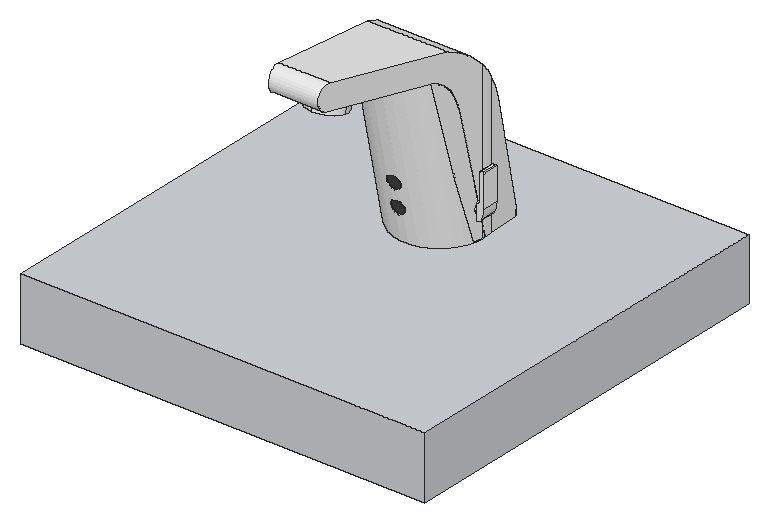
Revit family
Parameters (values of type "Chrome-Polished_Chrome-CP")
  Width = 0' - 2 15/16"
  WFU = 0
  URL = "http://www.us.kohler.com"
  Sensor = Black Sensors
  Product Page URL = "http://www.us.kohler.com/onlinecatalog/detail.jsp?prod_num=7515"
  Product Documentation Link = "http://www.us.kohler.com/onlinecatalog/pdf/1124217_4.pdf"
  Model = "K-7515"  # constant formula
  Manufacturer = "Kohler"  # constant formula
  Length = 0' - 6 3/4"
  Installation = "Single-hole"  # constant formula
  Hot Water Radius = 3/16"
  Hot Water Diameter = Hot Water Radius * 2  # 3/8"
  Hot Water Connector = "Hot Water Connection"  # constant formula
  Height = 0' - 6 1/8"
  HWFU = 0
  HW Connection = yes
  Finish = Chromel-Kohler-CP-Polished Chrome
  Description = "Sculpted Touchless™ DM Faucet W/Mixer"  # constant formula
  Default Elevation = 0' - 0"
  Created By = "http://medialab3dstudio.com"
  Cold Water Radius = 3/16"
  Cold Water Diameter = Cold Water Radius * 2  # 3/8"
  Cold Water Connector = "Cold Water Connection"  # constant formula
  CWFU = 0
  CW Connection = yes
  Assembly Code = "D2010"
  Actual Valve Water Flow = 0.5 GPM
Types (3): name | Finish
  (no name) | Chromel-Kohler-CP-Polished Chrome
  Chrome-Polished_Chrome-CP | Chromel-Kohler-CP-Polished Chrome
  Steel-Vibrant_Stainless-VS | Steel-Kohler-VS-Vibrant Stainless
Reference planes (in)
  plane 1 "Center (Front/Back)": y = 0
  plane 2: z = 0
  plane 3 "Center (Left/Right)": x = 0
  plane 4 "Back": y = 3.375
  plane 5 "Front": y = -3.375
  plane 6 "Left": x = -1.3125
  plane 7 "Faucet Right": x = 1.3125
  plane 8 "Top": z = 6.125
  plane 9: through (0, -2.94342, 6.1184) normal (0, -0.1812, -0.9835)
  plane 10: through (0, -3.07581, 5.39972) normal (0, -0.1812, -0.9835)
  plane 11: through (0, 2.07873, 0) normal (0, 0.9761, 0.2174)
  plane 12: through (0, 3.375, 0) normal (0, 0.9761, 0.2174)
  plane 13: z = 4.18675
  plane 14: z = 4.74242
  plane 15: x = -1.34375
  plane 16: x = 1.34375
  plane 17: y = -3.67127
  plane 18: y = 2.13994
  plane 19: through (0.73514, -3.32204, 48) normal (-0.9945, 0.1051, 0)
  plane 20: through (-0.73514, -3.32204, 48) normal (-0.9945, -0.1051, 0)
  plane 21: y = -3.32204
  plane 22: through (0, 2.07873, 0) normal (0, 0.9761, 0.2175)
  plane 23: z = 3.48198
  plane 24: y = -0.43019
  plane 25: z = 1.73559
  plane 26: z = 1.03176
  plane 27: through (0, 0.93975, 0) normal (0, 0.9761, 0.2175)
  plane 28: through (0, 0.68975, 0) normal (0, 0.9761, 0.2175)
  plane 29: through (0.38777, 5.82045, 47.78551) normal (0, -0.9833, 0.1822)
  plane 30 "Aeroator bottom": through (0, -2.69056, 4.97232) normal (0, -0.1822, -0.9833)
  plane 31: y = 2.07873
  plane 32: x = -0.3125
  plane 33: x = 0.3125
  plane 34: z = 0.27178
  plane 35: z = 5.39978
  plane 36: z = 5.2782
  plane 37: z = 4.97232
  plane 38: z = 5.17498
  plane 39: z = 4.86911
  plane 40: z = 4.76589
  plane 41: x = -0.56641
  plane 42: x = -0.38777
  plane 43: x = 0.38777
  plane 44: x = 0.56641
  plane 45: z = 4.80313
  plane 46: through (-1.11944, -180, 4.76589) normal (-0.9195, 0, 0.3931)
  plane 47: through (1.11944, -180, 4.76589) normal (-0.9195, 0, -0.3931)
  plane 48: z = 3.69251
  plane 49 "Mixer Right": x = 1.625
  plane 50: through (0, -2.69056, 5.32938) normal (0, -0.1822, -0.9833)
  plane 51: y = 5.125
Forms (in)
  Extrusion 1, solid
    sketch origin (0, 0, 0) x (1, 0, 0) y (0, 1, 0)
      loop
        line (-6, 6) -> (-6, -6) -> (6, -6) -> (6, 6) -> (-6, 6)
    from 0 to -1.85692
  Extrusion 2, solid, material "Chromel-Kohler-CP-Polished Chrome" <- "Finish", detail levels fine
    sketch origin (0, 0, 0) x (0, 1, 0) y (0, 0, 1)
      loop
        arc (-2.94342, 6.1184) -> (-3.36895, 5.82525) -> (-3.07581, 5.39972) r 0.36539
        line (-3.07581, 5.39972) -> (0.22378, 4.79191)
        arc (0.22378, 4.79191) -> (0.70476, 4.58392) -> (1.0466, 4.18675) r 1.16933
        arc (1.0466, 4.18675) -> (1.19778, 3.8427) -> (1.30312, 3.48198) r 2.89513
        line (1.30312, 3.48198) -> (2.07873, 0) -> (3.375, 0) -> (2.59939, 3.48198)
        arc (2.59939, 3.48198) -> (2.33458, 4.15905) -> (1.90071, 4.74242) r 2.73449
        arc (1.90071, 4.74242) -> (1.42347, 5.13533) -> (0.87242, 5.41549) r 2.83585
        line (0.87242, 5.41549) -> (-2.94342, 6.1184)
    from -1.3125 to 1.3125
  Extrusion 3, void
    sketch origin (0, 0, 0) x (1, 0, 0) y (0, 1, 0)
      loop
        line (-1.34375, 3.375) -> (-1.34375, -3.67127) -> (1.34375, -3.67127) -> (1.34375, 3.375) -> (1.18768, 3.375)
        arc (1.18768, 3.375) -> (1.22213, 3.36072) -> (1.23783, 3.32689) r 0.05135
        line (1.23783, 3.32689) -> (1.29986, 2.34092)
        arc (1.29986, 2.34092) -> (1.3083, 2.18062) -> (1.29986, 2.02033) r 1.52489
        line (1.29986, 2.02033) -> (0.72955, -3.375) -> (-0.72955, -3.375) -> (-1.29986, 2.02033)
        arc (-1.29986, 2.02033) -> (-1.3083, 2.18062) -> (-1.29986, 2.34092) r 1.52489
        line (-1.29986, 2.34092) -> (-1.23783, 3.32689)
        arc (-1.23783, 3.32689) -> (-1.22213, 3.36072) -> (-1.18768, 3.375) r 0.05135
        line (-1.18768, 3.375) -> (-1.34375, 3.375)
    from 0 to 6.125
  Sweep 4, solid, material "Chromel-Kohler-CP-Polished Chrome" <- "Finish", detail levels fine
    path origin (0, 0, 0) x (0, 1, 0) y (0, 0, 1)
      loop
        line (2.07873, 0) -> (0.89136, 5.32907)
    profile origin (0, 1.48505, 2.66453) x (0, -0.976066, -0.217477) y (1, 0, 0)
      loop
        line (0, 1.3125) -> (0, -1.3125)
        arc (0, -1.3125) -> (1.3125, 0) -> (0, 1.3125) r 1.3125
  Extrusion 5, void
    sketch origin (0, 0, 0) x (0, 1, 0) y (0, 0, 1)
      loop
        arc (0.22378, 4.79191) -> (0.70476, 4.58392) -> (1.0466, 4.18675) r 1.16933
        arc (1.0466, 4.18675) -> (1.20271, 3.84236) -> (1.31714, 3.48198) r 3.20179
        line (1.31714, 3.48198) -> (2.59939, 3.48198)
        arc (2.59939, 3.48198) -> (2.33458, 4.15905) -> (1.90071, 4.74242) r 2.73449
        arc (1.90071, 4.74242) -> (1.42347, 5.13533) -> (0.87242, 5.41549) r 2.83585
        line (0.87242, 5.41549) -> (-0.43019, 5.65544) -> (-0.43019, 4.91237) -> (0.22378, 4.79191)
    from -1.3125 to 1.3125
  Extrusion 6, void
    sketch origin (0, 0.28242, -0.02891) x (1, 0, 0) y (0, -0.217488, 0.976063)
      loop
        circle (0, 1.73559) r 0.21875
    from -0.64788 to -0.40387
  Extrusion 7, void
    sketch origin (0, 0.28242, -0.8032) x (1, 0, 0) y (0, -0.217488, 0.976063)
      loop
        circle (0, 1.73559) r 0.21875
    from -0.81628 to -0.57227
  Extrusion 8, solid, material "Chromel-Kohler-CP-Polished Chrome" <- "Finish", detail levels fine
    sketch origin (-10.0876, 1.76777, -0.28082) x (1, 0, 0) y (0, 0.983255, -0.182236)
      loop
        arc (9.5212, -4.77457) -> (9.68709, -5.17508) -> (10.0876, -5.34098) r 0.56641
        arc (10.0876, -5.34098) -> (10.48811, -5.17508) -> (10.65401, -4.77457) r 0.56641
        arc (10.65401, -4.77457) -> (10.48811, -4.37406) -> (10.0876, -4.20817) r 0.56641
        arc (10.0876, -4.20817) -> (9.68709, -4.37406) -> (9.5212, -4.77457) r 0.56641
      loop
        arc (9.69983, -4.77457) -> (9.81341, -5.04877) -> (10.0876, -5.16234) r 0.38777
        arc (10.0876, -5.16234) -> (10.36179, -5.04877) -> (10.47537, -4.77457) r 0.38777
        arc (10.47537, -4.77457) -> (10.36179, -4.50038) -> (10.0876, -4.38681) r 0.38777
        arc (10.0876, -4.38681) -> (9.81341, -4.50038) -> (9.69983, -4.77457) r 0.38777
    from 4.35272 to 4.70325
  Extrusion 9, solid, not visible, detail levels fine
    sketch origin (0, 0, 0) x (1, 0, 0) y (0, 1, 0)
      loop
        arc (-0.5, 2.07873) -> (-0.44508, 1.94615) -> (-0.3125, 1.89123) r 0.1875
        arc (-0.3125, 1.89123) -> (-0.17992, 1.94615) -> (-0.125, 2.07873) r 0.1875
        arc (-0.125, 2.07873) -> (-0.17992, 2.21131) -> (-0.3125, 2.26623) r 0.1875
        arc (-0.3125, 2.26623) -> (-0.44508, 2.21131) -> (-0.5, 2.07873) r 0.1875
      loop
        arc (0.125, 2.07873) -> (0.17992, 1.94615) -> (0.3125, 1.89123) r 0.1875
        arc (0.3125, 1.89123) -> (0.44508, 1.94615) -> (0.5, 2.07873) r 0.1875
        arc (0.5, 2.07873) -> (0.44508, 2.21131) -> (0.3125, 2.26623) r 0.1875
        arc (0.3125, 2.26623) -> (0.17992, 2.21131) -> (0.125, 2.07873) r 0.1875
    from 0.27178 to 0
  Extrusion 10, solid, material "Black Sensors" <- "Sensor", detail levels fine
    sketch origin (0, 0.11812, -0.06581) x (1, 0, 0) y (0, -0.217488, 0.976063)
      loop
        circle (0, 1.73559) r 0.20312
    from -0.81628 to -0.63688
  Extrusion 11, solid, material "Black Sensors" <- "Sensor", detail levels fine
    sketch origin (0, 0.28242, -0.8032) x (1, 0, 0) y (0, -0.217488, 0.976063)
      loop
        circle (0, 1.73559) r 0.20442
    from -0.81628 to -0.63688
  Extrusion 12, solid, material "Chromel-Kohler-CP-Polished Chrome" <- "Finish", detail levels coarse+medium
    sketch origin (-1.18768, 3.375, 0) x (1, 0, 0) y (0, 1, 0)
      loop
        line (-0.12482, 0) -> (-0.12482, -6.75) -> (2.81322, -6.75) -> (2.81322, 0) -> (-0.12482, 0)
    from 0 to 6.125
Cuts and joins
  Extrusion 3 cuts Extrusion 2
  joined: Extrusion 2, Extrusion 8
  Extrusion 3, Extrusion 5, Extrusion 6, Extrusion 7 cuts Sweep 4
Lines and regions (in)
  Masking region 1, detail levels coarse
    outline origin (0, 0, 0) x (1, 0, 0) y (0, 1, 0)
      loop
        line (-1.3125, 3.375) -> (-1.3125, -3.375) -> (1.3125, -3.375) -> (1.3125, 3.375) -> (-1.3125, 3.375)
  Masking region 2, detail levels medium
    outline origin (0, 0, 0) x (1, 0, 0) y (0, 1, 0)
      loop
        line (-1.2348, 3.375) -> (-1.29986, 2.34092)
        arc (-1.29986, 2.34092) -> (-1.3083, 2.18062) -> (-1.29986, 2.02033) r 1.52489
        line (-1.29986, 2.02033) -> (-0.72955, -3.375) -> (0.72955, -3.375) -> (1.29986, 2.02033)
        arc (1.29986, 2.02033) -> (1.3083, 2.18062) -> (1.29986, 2.34092) r 1.52489
        line (1.29986, 2.34092) -> (1.2348, 3.375) -> (-1.2348, 3.375)
  Masking region 3, detail levels fine
    outline origin (0, 0, 0) x (1, 0, 0) y (0, 1, 0)
      loop
        line (-1.23783, 3.32689) -> (-1.29986, 2.34092)
        arc (-1.29986, 2.34092) -> (-1.3083, 2.18062) -> (-1.29986, 2.02033) r 1.52489
        line (-1.29986, 2.02033) -> (-0.72955, -3.375) -> (0.72955, -3.375) -> (1.29986, 2.02033)
        arc (1.29986, 2.02033) -> (1.3083, 2.18062) -> (1.29986, 2.34092) r 1.52489
        line (1.29986, 2.34092) -> (1.23783, 3.32689)
        arc (1.23783, 3.32689) -> (1.22213, 3.36072) -> (1.18768, 3.375) r 0.05135
        line (1.18768, 3.375) -> (-1.18768, 3.375)
        arc (-1.18768, 3.375) -> (-1.22213, 3.36072) -> (-1.23783, 3.32689) r 0.05135
  Masking region 4, detail levels coarse
    outline origin (0, 0, 0) x (1, 0, 0) y (0, 0, 1)
      loop
        line (-1.3125, 6.125) -> (-1.3125, 0) -> (1.3125, 0) -> (1.3125, 6.125) -> (-1.3125, 6.125)
  Masking region 5, detail levels medium+fine
    outline origin (0, 0, 0) x (1, 0, 0) y (0, 0, 1)
      loop
        arc (-1.17852, 5.41549) -> (-1.27622, 4.87366) -> (-1.3125, 4.32429) r 4.89866
        line (-1.3125, 4.32429) -> (-1.3125, 0) -> (1.3125, 0) -> (1.3125, 4.32429)
        arc (1.3125, 4.32429) -> (1.27622, 4.87366) -> (1.17852, 5.41549) r 4.89866
        line (1.17852, 5.41549) -> (0.77517, 6.1184) -> (-0.77517, 6.1184) -> (-1.17852, 5.41549)
  Masking region 6, detail levels coarse
    outline origin (0, 0, 0) x (0, 1, 0) y (0, 0, 1)
      loop
        line (3.375, 6.125) -> (-3.375, 6.125) -> (-3.375, 0) -> (3.375, 0) -> (3.375, 6.125)
  Masking region 7, detail levels medium+fine
    outline origin (0, 0, 0) x (0, 1, 0) y (0, 0, 1)
      loop
        line (3.375, 0) -> (2.59939, 3.48198)
        arc (2.59939, 3.48198) -> (2.33458, 4.15905) -> (1.90071, 4.74242) r 2.73449
        arc (1.90071, 4.74242) -> (1.42347, 5.13533) -> (0.87242, 5.41549) r 2.83585
        line (0.87242, 5.41549) -> (-2.94342, 6.1184)
        arc (-2.94342, 6.1184) -> (-3.36895, 5.82525) -> (-3.07581, 5.39972) r 0.36539
        line (-3.07581, 5.39972) -> (-2.62705, 5.31705) -> (-2.69056, 4.97232) -> (-1.57671, 4.76589) -> (-1.51299, 5.11183) -> (-0.35762, 4.89901) -> (0.73398, 0) -> (3.375, 0)
  Masking region 8, detail levels fine
    outline origin (0, 0, 0) x (0, 1, 0) y (0, 0, 1)
      loop
        line (3.375, 0) -> (2.59939, 3.48198)
        arc (2.59939, 3.48198) -> (2.33458, 4.15905) -> (1.90071, 4.74242) r 2.73449
        arc (1.90071, 4.74242) -> (1.42347, 5.13533) -> (0.87242, 5.41549) r 2.83585
        line (0.87242, 5.41549) -> (-2.94342, 6.1184)
        arc (-2.94342, 6.1184) -> (-3.36895, 5.82525) -> (-3.07581, 5.39972) r 0.36539
        line (-3.07581, 5.39972) -> (0.22378, 4.79191)
        arc (0.22378, 4.79191) -> (0.70476, 4.58392) -> (1.0466, 4.18675) r 1.16933
        arc (1.0466, 4.18675) -> (1.16168, 3.94402) -> (1.256, 3.69251) r 3.20179
        line (1.256, 3.69251) -> (2.07873, 0) -> (3.375, 0)
  Masking region 9, detail levels fine
    outline origin (1.625, 0, 0) x (0, 1, 0) y (0, 0, 1)
      loop
        line (2.12262, 2.0028) -> (1.6749, 2.0028) -> (1.6749, 0.65909) -> (2.12262, 0.65909) -> (2.12262, 2.0028)
  symbolic lines, style "Masking Lines", detail levels fine
    curve 1: spline (-0.7678, -3.375, 6.125) -> (-0.75843, -3.375, 6.11341) -> (-0.74965, -3.375, 6.08047) -> (-0.74197, -3.375, 6.02817) -> (-0.73586, -3.375, 5.95967) -> (-0.7317, -3.375, 5.87909) -> (-0.72973, -3.375, 5.79129) -> (-0.73006, -3.375, 5.70157) -> (-0.73269, -3.375, 5.61534) -> (-0.73745, -3.375, 5.5378) -> (-0.74406, -3.375, 5.47361) -> (-0.75211, -3.375, 5.42666) -> (-0.76112, -3.375, 5.39978)
    curve 2: line (-0.76117, -3.375, 5.39972) -> (-1.10351, -3.375, 4.80313)
    curve 3: spline (-1.11944, -3.375, 4.76589) -> (-1.12767, -3.375, 4.74224) -> (-1.1357, -3.375, 4.71321) -> (-1.1435, -3.375, 4.67893) -> (-1.15104, -3.375, 4.63957) -> (-1.15826, -3.375, 4.59532) -> (-1.16515, -3.375, 4.54639) -> (-1.17166, -3.375, 4.49303) -> (-1.17776, -3.375, 4.43548) -> (-1.18343, -3.375, 4.37404) -> (-1.18864, -3.375, 4.30899) -> (-1.19336, -3.375, 4.24065) -> (-1.19757, -3.375, 4.16936)
    curve 4: spline (-1.19757, -3.375, 4.16936) -> (-1.20048, -3.375, 4.11431) -> (-1.20327, -3.375, 4.05867) -> (-1.20593, -3.375, 4.00249) -> (-1.20846, -3.375, 3.94577) -> (-1.21087, -3.375, 3.88856) -> (-1.21315, -3.375, 3.83087) -> (-1.21529, -3.375, 3.77272) -> (-1.21731, -3.375, 3.71416) -> (-1.2192, -3.375, 3.6552) -> (-1.22095, -3.375, 3.59587) -> (-1.22257, -3.375, 3.53619) -> (-1.22405, -3.375, 3.4762)
    curve 5: line (-1.21906, -3.375, 3.69251) -> (-1.29986, -3.375, 0.26213)
    curve 6: spline (0.76112, -3.375, 5.39978) -> (0.75211, -3.375, 5.42666) -> (0.74406, -3.375, 5.47361) -> (0.73745, -3.375, 5.5378) -> (0.73269, -3.375, 5.61534) -> (0.73006, -3.375, 5.70157) -> (0.72973, -3.375, 5.79129) -> (0.7317, -3.375, 5.87909) -> (0.73586, -3.375, 5.95967) -> (0.74197, -3.375, 6.02817) -> (0.74965, -3.375, 6.08047) -> (0.75843, -3.375, 6.11341) -> (0.7678, -3.375, 6.125)
    curve 7: line (1.10351, -3.375, 4.80313) -> (0.76117, -3.375, 5.39972)
    curve 8: spline (1.19757, -3.375, 4.16936) -> (1.19336, -3.375, 4.24065) -> (1.18864, -3.375, 4.30899) -> (1.18343, -3.375, 4.37404) -> (1.17776, -3.375, 4.43548) -> (1.17166, -3.375, 4.49303) -> (1.16515, -3.375, 4.54639) -> (1.15826, -3.375, 4.59532) -> (1.15104, -3.375, 4.63957) -> (1.1435, -3.375, 4.67893) -> (1.1357, -3.375, 4.71321) -> (1.12767, -3.375, 4.74224) -> (1.11944, -3.375, 4.76589)
    curve 9: spline (1.22405, -3.375, 3.4762) -> (1.22257, -3.375, 3.53619) -> (1.22095, -3.375, 3.59587) -> (1.2192, -3.375, 3.6552) -> (1.21731, -3.375, 3.71416) -> (1.21529, -3.375, 3.77272) -> (1.21315, -3.375, 3.83087) -> (1.21087, -3.375, 3.88856) -> (1.20846, -3.375, 3.94577) -> (1.20593, -3.375, 4.00249) -> (1.20327, -3.375, 4.05867) -> (1.20048, -3.375, 4.11431) -> (1.19757, -3.375, 4.16936)
    curve 10: line (1.29986, -3.375, 0.26213) -> (1.21906, -3.375, 3.69251)
    curve 11: line (-0.76112, -3.375, 5.39978) -> (0.76112, -3.375, 5.39978)
    curve 12: line (-0.56641, -3.375, 5.17498) -> (-0.56641, -3.375, 4.86911)
    curve 13: line (0.56641, -3.375, 5.17498) -> (0.56641, -3.375, 4.86911)
    curve 14: spline (-0.56641, -3.375, 5.17498) -> (-0.56156, -3.375, 5.18846) -> (-0.54711, -3.375, 5.2017) -> (-0.52329, -3.375, 5.21448) -> (-0.49052, -3.375, 5.22659) -> (-0.44936, -3.375, 5.23782) -> (-0.40051, -3.375, 5.24797) -> (-0.34481, -3.375, 5.25687) -> (-0.2832, -3.375, 5.26438) -> (-0.21675, -3.375, 5.27035) -> (-0.1466, -3.375, 5.27469) -> (-0.07393, -3.375, 5.27732) -> (0, -3.375, 5.2782)
    curve 15: spline (0, -3.375, 5.2782) -> (0.07393, -3.375, 5.27732) -> (0.1466, -3.375, 5.27469) -> (0.21675, -3.375, 5.27035) -> (0.2832, -3.375, 5.26438) -> (0.34481, -3.375, 5.25687) -> (0.40051, -3.375, 5.24797) -> (0.44936, -3.375, 5.23782) -> (0.49052, -3.375, 5.22659) -> (0.52329, -3.375, 5.21448) -> (0.54711, -3.375, 5.2017) -> (0.56156, -3.375, 5.18846) -> (0.56641, -3.375, 5.17498)
    curve 16: spline (0, -3.375, 4.97232) -> (-0.07393, -3.375, 4.97144) -> (-0.1466, -3.375, 4.96881) -> (-0.21675, -3.375, 4.96447) -> (-0.2832, -3.375, 4.9585) -> (-0.34481, -3.375, 4.95099) -> (-0.40051, -3.375, 4.94209) -> (-0.44936, -3.375, 4.93194) -> (-0.49052, -3.375, 4.92072) -> (-0.52329, -3.375, 4.90861) -> (-0.54711, -3.375, 4.89582) -> (-0.56156, -3.375, 4.88258) -> (-0.56641, -3.375, 4.86911)
    curve 17: spline (0.56641, -3.375, 4.86911) -> (0.56156, -3.375, 4.88258) -> (0.54711, -3.375, 4.89582) -> (0.52329, -3.375, 4.90861) -> (0.49052, -3.375, 4.92072) -> (0.44936, -3.375, 4.93194) -> (0.40051, -3.375, 4.94209) -> (0.34481, -3.375, 4.95099) -> (0.2832, -3.375, 4.9585) -> (0.21675, -3.375, 4.96447) -> (0.1466, -3.375, 4.96881) -> (0.07393, -3.375, 4.97144) -> (0, -3.375, 4.97232)
    curve 18: spline (0, -3.375, 4.76589) -> (0.07393, -3.375, 4.76677) -> (0.1466, -3.375, 4.7694) -> (0.21675, -3.375, 4.77374) -> (0.2832, -3.375, 4.77971) -> (0.34481, -3.375, 4.78722) -> (0.40051, -3.375, 4.79612) -> (0.44936, -3.375, 4.80627) -> (0.49052, -3.375, 4.8175) -> (0.52329, -3.375, 4.82961) -> (0.54711, -3.375, 4.84239) -> (0.56156, -3.375, 4.85563) -> (0.56641, -3.375, 4.86911)
    curve 19: spline (-0.56641, -3.375, 4.86911) -> (-0.56156, -3.375, 4.85563) -> (-0.54711, -3.375, 4.84239) -> (-0.52329, -3.375, 4.82961) -> (-0.49052, -3.375, 4.8175) -> (-0.44936, -3.375, 4.80627) -> (-0.40051, -3.375, 4.79612) -> (-0.34481, -3.375, 4.78722) -> (-0.2832, -3.375, 4.77971) -> (-0.21675, -3.375, 4.77374) -> (-0.1466, -3.375, 4.7694) -> (-0.07393, -3.375, 4.76677) -> (0, -3.375, 4.76589)
    curve 20: spline (-0.38777, -3.375, 4.86911) -> (-0.38445, -3.375, 4.87833) -> (-0.37455, -3.375, 4.88739) -> (-0.35825, -3.375, 4.89615) -> (-0.33582, -3.375, 4.90444) -> (-0.30764, -3.375, 4.91212) -> (-0.27419, -3.375, 4.91907) -> (-0.23606, -3.375, 4.92517) -> (-0.19388, -3.375, 4.9303) -> (-0.14839, -3.375, 4.93439) -> (-0.10036, -3.375, 4.93736) -> (-0.05061, -3.375, 4.93917) -> (0, -3.375, 4.93977)
    curve 21: spline (0, -3.375, 4.93977) -> (0.05061, -3.375, 4.93917) -> (0.10036, -3.375, 4.93736) -> (0.14839, -3.375, 4.93439) -> (0.19388, -3.375, 4.9303) -> (0.23606, -3.375, 4.92517) -> (0.27419, -3.375, 4.91907) -> (0.30764, -3.375, 4.91212) -> (0.33582, -3.375, 4.90444) -> (0.35825, -3.375, 4.89615) -> (0.37455, -3.375, 4.88739) -> (0.38445, -3.375, 4.87833) -> (0.38777, -3.375, 4.86911)
    curve 22: spline (0.38777, -3.375, 4.86911) -> (0.38445, -3.375, 4.85988) -> (0.37455, -3.375, 4.85082) -> (0.35825, -3.375, 4.84206) -> (0.33582, -3.375, 4.83377) -> (0.30764, -3.375, 4.82609) -> (0.27419, -3.375, 4.81914) -> (0.23606, -3.375, 4.81304) -> (0.19388, -3.375, 4.80791) -> (0.14839, -3.375, 4.80382) -> (0.10036, -3.375, 4.80085) -> (0.05061, -3.375, 4.79904) -> (0, -3.375, 4.79844)
    curve 23: spline (0, -3.375, 4.79844) -> (-0.05061, -3.375, 4.79904) -> (-0.10036, -3.375, 4.80085) -> (-0.14839, -3.375, 4.80382) -> (-0.19388, -3.375, 4.80791) -> (-0.23606, -3.375, 4.81304) -> (-0.27419, -3.375, 4.81914) -> (-0.30764, -3.375, 4.82609) -> (-0.33582, -3.375, 4.83377) -> (-0.35825, -3.375, 4.84206) -> (-0.37455, -3.375, 4.85082) -> (-0.38445, -3.375, 4.85988) -> (-0.38777, -3.375, 4.86911)
    curve 24: line (1.13536, -3.375, 4.72864) -> (1.11944, -3.375, 4.76589)
    curve 25: line (-1.10351, -3.375, 4.80313) -> (-1.11944, -3.375, 4.76589)
    curve 26: line (-1.29986, 2.02033, 0) -> (1.29986, 2.02033, 0)
Dimensions and locks (in)
  equal spacing: plane 6 "Left", plane 3 "Center (Left/Right)", plane 7 "Faucet Right"
  equal spacing: plane 5 "Front", plane 1 "Center (Front/Back)", plane 4 "Back"
  "Length": plane 5 "Front" to plane 4 "Back"
  "Height": plane 8 "Top" to plane 2
  locked: plane 10 to plane 9 at 0.73077
  locked: plane 12 to plane 11 at 1.26526
  locked: plane 8 "Top" to plane 14 at 1.38258
  locked: plane 13 to plane 14 at 0.55567
  plane 19 to Extrusion 3 sketch curve = 0' - 0"
  Extrusion 3 sketch curve to plane 20 = 0' - 0.09875"
  locked: plane 4 "Back" to plane 18 at 1.23506
  locked: plane 18 to plane 21 at 5.46198
  locked: plane 21 to plane 17 at 0.34923
  locked: plane 15 to plane 16 at 2.6875
  locked: plane 23 to plane 2 at 3.48198
  locked: plane 24 to plane 5 "Front" at 2.94481
  plane 32 to plane 3 "Center (Left/Right)" to plane 33 = 0' - 0 5/16" locked, 0' - 0 5/16" locked
  locked: plane 4 "Back" to plane 31 at 1.29627
  locked: plane 30 "Aeroator bottom" to plane 50 at 0.35108
  "Width": plane 49 "Mixer Right" to plane 6 "Left"
  radius of Extrusion 2 sketch curve = 0' - 2.73449"
  radius of Extrusion 2 sketch curve = 0' - 2.83585"
  radius of Extrusion 2 sketch curve = 0' - 1.16933"
  radius of Extrusion 2 sketch curve = 0' - 2.89513"
  radius of Extrusion 5 sketch curve = 0' - 3.20179"
  radius of Extrusion 6 sketch curve = 0' - 0 7/32"
  radius of Extrusion 7 sketch curve = 0' - 0 7/32"
  radius of Extrusion 10 sketch curve = 0' - 0 13/64"
  radius of Extrusion 11 sketch curve = 0' - 0.20442"
  locked: plane 8 "Top" to plane 9 (angle 10.4373°)
  locked: plane 12 to plane 4 "Back" (angle 12.5577°)
  locked: plane 19 to plane 16 (angle 6.03402°)
  locked: plane 15 to plane 20 (angle 6.03402°)
  locked: plane 22 to plane 1 "Center (Front/Back)" (angle 12.5609°)
  locked: plane 30 "Aeroator bottom" to plane 5 "Front" (angle 79.50°)
  locked: curve 24 to plane 40 (angle 66.8498°)
  locked: plane 40 to curve 25 (angle 66.8498°)
  aligned and locked: plane 2 to Extrusion 1
  aligned and locked: level to Extrusion 1
  aligned and locked: plane 2 to Extrusion 2 sketch curve
  aligned and locked: plane 9 to Extrusion 2 sketch curve
  aligned and locked: plane 10 to Extrusion 2 sketch curve
  aligned and locked: plane 11 to Extrusion 2 sketch curve
  aligned and locked: plane 12 to Extrusion 2 sketch curve
  aligned and locked: plane 13 to Extrusion 2 sketch curve
  aligned and locked: plane 14 to Extrusion 2 sketch curve
  aligned and locked: Extrusion 2 to plane 6 "Left"
  aligned and locked: plane 7 "Faucet Right" to Extrusion 2
  aligned and locked: plane 15 to Extrusion 3 sketch curve
  aligned and locked: plane 16 to Extrusion 3 sketch curve
  aligned and locked: plane 17 to Extrusion 3 sketch curve
  aligned and locked: Extrusion 3 sketch curve to plane 5 "Front"
  aligned and locked: Extrusion 3 sketch curve to plane 19
  aligned and locked: plane 8 "Top" to Extrusion 3
  aligned and locked: Extrusion 3 to plane 2
  aligned and locked: Extrusion 3 sketch curve to plane 20
  aligned and locked: Sweep 4 sketch curve to plane 22
  aligned and locked: plane 6 "Left" to Sweep 4 sketch curve
  aligned and locked: plane 7 "Faucet Right" to Sweep 4 sketch curve
  aligned and locked: Extrusion 5 sketch curve to cut or joined group of Extrusion 2, Extrusion 3, Extrusion 8  (x4)
  aligned and locked: cut or joined group of Extrusion 2, Extrusion 3, Extrusion 8 to Extrusion 5 sketch curve
  aligned and locked: plane 23 to Extrusion 5 sketch curve
  aligned and locked: plane 24 to Extrusion 5 sketch curve
  aligned and locked: Extrusion 5 to plane 6 "Left"
  aligned and locked: plane 7 "Faucet Right" to Extrusion 5
  aligned and locked: Extrusion 6 to plane 28
  aligned and locked: plane 27 to Extrusion 6
  aligned and locked: plane 27 to Extrusion 7
  aligned and locked: Extrusion 7 to plane 28
  aligned and locked: plane 3 "Center (Left/Right)" to Extrusion 8 sketch curve  (x4)
  aligned and locked: plane 29 to Extrusion 8 sketch curve  (x4)
  aligned and locked: plane 30 "Aeroator bottom" to Extrusion 8
  aligned and locked: plane 32 to Extrusion 9 sketch curve  (x2)
  aligned and locked: plane 31 to Extrusion 9 sketch curve  (x4)
  aligned and locked: plane 33 to Extrusion 9 sketch curve  (x2)
  aligned and locked: plane 2 to Extrusion 9
  aligned and locked: plane 34 to Extrusion 9
  aligned and locked: Masking region 1 sketch curve to plane 4 "Back"
  aligned and locked: Masking region 1 sketch curve to plane 7 "Faucet Right"
  aligned and locked: Masking region 1 sketch curve to plane 5 "Front"
  aligned and locked: plane 6 "Left" to Masking region 1 sketch curve
  aligned and locked: Masking region 2 sketch curve to cut or joined group of Extrusion 2, Extrusion 3, Extrusion 8  (x6)
  aligned and locked: plane 5 "Front" to Masking region 2 sketch curve
  aligned and locked: Masking region 3 sketch curve to cut or joined group of Extrusion 2, Extrusion 3, Extrusion 8  (x7)
  aligned and locked: Masking region 3 sketch curve to plane 5 "Front"
  aligned and locked: Masking region 4 sketch curve to plane 8 "Top"
  aligned and locked: Masking region 4 sketch curve to plane 7 "Faucet Right"
  aligned and locked: plane 2 to Masking region 4 sketch curve
  aligned and locked: plane 6 "Left" to Masking region 4 sketch curve
  aligned and locked: Masking region 5 sketch curve to cut or joined group of Extrusion 2, Extrusion 3, Extrusion 8  (x3)
  aligned and locked: plane 7 "Faucet Right" to Masking region 5 sketch curve
  aligned and locked: Masking region 5 sketch curve to plane 6 "Left"
  aligned and locked: plane 2 to Masking region 5 sketch curve
  aligned and locked: plane 46 to curve 25
  aligned and locked: plane 47 to curve 24
  aligned and locked: Masking region 6 sketch curve to plane 8 "Top"
  aligned and locked: Masking region 6 sketch curve to plane 5 "Front"
  aligned and locked: plane 2 to Masking region 6 sketch curve
  aligned and locked: Masking region 6 sketch curve to plane 4 "Back"
  aligned and locked: Masking region 7 sketch curve to cut or joined group of Extrusion 2, Extrusion 3, Extrusion 8  (x10)
  aligned and locked: Masking region 8 sketch curve to cut or joined group of Extrusion 2, Extrusion 3, Extrusion 8  (x6)
  aligned and locked: Masking region 8 sketch curve to cut or joined group of Extrusion 3, Sweep 4, Extrusion 5, Extrusion 6, Extrusion 7  (x3)
  aligned and locked: Masking region 9 sketch curve to nested 1  (x3)
  aligned and locked: nested 1 to Masking region 9 sketch curve
Automatic sketch dimensions
  curve 1 to plane 35 = 0' - 0"
  plane 35 to curve 1 = 0' - 0.00597"  (x2)
  plane 41 to curve 1 = 0' - 0.20164"  (x2)
  plane 41 to curve 1 = 0' - 0.2014"
  curve 1 to curve 11 = 0' - 0.00915"
  curve 11 to plane 44 = 0' - 0.19472"  (x2)
  curve 6 to plane 44 = 0' - 0.2014"
  plane 35 to curve 6 = 0' - 0.00597"  (x2)
  curve 11 to curve 6 = 0' - 0.00915"
  curve 1 to plane 35 = 0' - 0.35963"
  curve 6 to plane 35 = 0' - 0.35963"
  plane 45 to curve 24 = 0' - 0.07449"
  curve 24 to plane 47 = 0' - 0"
  curve 7 to plane 45 = 0' - 0"  (x2)
  curve 7 to plane 47 = 0' - 0"  (x2)
  curve 8 to plane 40 = 0' - 0"  (x2)
  plane 47 to curve 8 = 0' - 0"  (x2)
  plane 35 to curve 7 = 0' - 0.00006"  (x2)
  curve 11 to curve 7 = 0' - 0.00008"
  curve 6 to curve 9 = 0' - 0.1627"
  curve 8 to plane 45 = 0' - 0.00181"
  curve 8 to curve 7 = 0' - 0.01576"
  plane 48 to curve 8 = 0' - 0.47685"
  curve 8 to curve 8 = 0' - 0.55011"
  curve 8 to curve 9 = 0' - 0.20565"
  curve 9 to curve 8 = 0' - 0.20565"
  curve 9 to curve 9 = 0' - 0.69668"
  curve 19 to plane 39 = 0' - 0"  (x2)
  curve 14 to plane 38 = 0' - 0"  (x2)
  plane 41 to curve 14 = 0' - 0"
  curve 15 to plane 38 = 0' - 0"  (x2)
  curve 18 to plane 40 = 0' - 0"
  curve 14 to plane 36 = 0' - 0"
  curve 18 to plane 39 = 0' - 0"
  plane 44 to curve 19 = 0' - 0"
  plane 44 to curve 13 = 0' - 0"
  plane 44 to curve 14 = 0' - 0"
  curve 16 to plane 39 = 0' - 0"  (x2)
  plane 41 to curve 16 = 0' - 0"  (x2)
  curve 17 to plane 39 = 0' - 0"  (x2)
  curve 16 to plane 37 = 0' - 0"  (x2)
  plane 44 to curve 16 = 0' - 0"
  plane 44 to curve 17 = 0' - 0"  (x2)
  curve 23 to plane 39 = 0' - 0"
  plane 42 to curve 23 = 0' - 0"
  curve 22 to plane 39 = 0' - 0"  (x2)
  plane 43 to curve 23 = 0' - 0"
  plane 43 to curve 21 = 0' - 0"
  plane 43 to curve 20 = 0' - 0"
  plane 45 to curve 22 = 0' - 0.00469"
  plane 37 to curve 21 = 0' - 0.03255"
  curve 25 to plane 40 = 0' - 0"
  plane 46 to curve 3 = 0' - 0"  (x2)
  curve 25 to plane 46 = 0' - 0"
  curve 2 to plane 45 = 0' - 0"  (x2)
  curve 4 to curve 3 = 0' - 0.60162"
  curve 4 to plane 48 = 0' - 0.2163"
  plane 41 to curve 4 = 0' - 0.65764"
  curve 3 to plane 45 = 0' - 0.00181"  (x2)
  curve 25 to curve 3 = 0' - 0.01576"
  plane 41 to curve 4 = 0' - 0.36173"  (x2)
  plane 35 to curve 2 = 0' - 0.00006"  (x2)
  curve 2 to curve 11 = 0' - 0.00008"
  curve 4 to curve 4 = 0' - 0.69668"
  curve 3 to plane 48 = 0' - 0.06221"  (x2)
  curve 5 to plane 48 = 0' - 0"  (x2)
  curve 10 to plane 48 = 0' - 0"  (x2)
  plane 41 to curve 5 = 0' - 0.73345"
  curve 5 to curve 3 = 0' - 0.1452"
  curve 8 to curve 10 = 0' - 0.1452"
  curve 10 to plane 44 = 0' - 0.73345"
  curve 10 to curve 9 = 0' - 2.60997"
  curve 5 to curve 10 = 0' - 2.59971"
  Extrusion 1 sketch curve to Extrusion 1 sketch curve = 1' - 0"  (x2)
  Extrusion 2 sketch curve to plane 11 = 0' - 0"  (x2)
  plane 14 to Extrusion 2 sketch curve = 0' - 0"
  Extrusion 2 sketch curve to plane 4 "Back" = 0' - 0"
  plane 45 to Extrusion 2 sketch curve = 0' - 0.01122"
  Extrusion 2 sketch curve to plane 1 "Center (Front/Back)" = 0' - 0.01195"
  Extrusion 2 sketch curve to Extrusion 2 sketch curve = 0' - 0.06901"
  Extrusion 2 sketch curve to plane 8 "Top" = 0' - 0.0066"
  Extrusion 2 sketch curve to plane 35 = 0' - 0.35928"
  plane 35 to Extrusion 2 sketch curve = 0' - 0.00006"
  Extrusion 2 sketch curve to plane 48 = 0' - 0.21053"
  Extrusion 3 sketch curve to plane 4 "Back" = 0' - 0"
  plane 6 "Left" to Extrusion 3 sketch curve = 0' - 0.01264"  (x2)
  plane 6 "Left" to Extrusion 3 sketch curve = 0' - 0.07467"
  Extrusion 3 sketch curve to Extrusion 3 sketch curve = 0' - 0.05014"
  Extrusion 3 sketch curve to Extrusion 3 sketch curve = 0' - 0.05124"  (x2)
  plane 18 to Extrusion 3 sketch curve = 0' - 0.04068"  (x2)
  Extrusion 3 sketch curve to plane 42 = 0' - 0.17118"
  plane 43 to Extrusion 3 sketch curve = 0' - 0.17118"
  Extrusion 3 sketch curve to plane 7 "Faucet Right" = 0' - 0.12592"
  Extrusion 3 sketch curve to Extrusion 3 sketch curve = 0' - 0.0011"
  Extrusion 3 sketch curve to plane 4 "Back" = 0' - 0.04811"
  Extrusion 3 sketch curve to plane 7 "Faucet Right" = 0' - 0.01264"  (x2)
  Extrusion 3 sketch curve to Extrusion 3 sketch curve = 0' - 0.05133"
  Sweep 4 sketch curve to level = 0' - 0"
  Sweep 4 sketch curve to plane 36 = 0' - 0.05086"
  Sweep 4 sketch curve to profile plane = 0' - 0"
  plane 23 to Extrusion 5 sketch curve = 0' - 0.78703"
  Extrusion 5 sketch curve to plane 24 = 0' - 1.35622"
  plane 45 to Extrusion 5 sketch curve = 0' - 0.01122"
  Extrusion 6 sketch curve to plane 3 "Center (Left/Right)" = 0' - 0"
  Extrusion 7 sketch curve to plane 3 "Center (Left/Right)" = 0' - 0"
  Extrusion 8 sketch curve to plane 41 = 0' - 0"
  Extrusion 8 sketch curve to plane 42 = 0' - 0"
  Extrusion 9 sketch curve to plane 41 = 0' - 0 17/256"
  plane 3 "Center (Left/Right)" to Extrusion 9 sketch curve = 0' - 0 1/8"
  plane 6 "Left" to Masking region 2 sketch curve = 0' - 0.01264"
  Masking region 2 sketch curve to plane 44 = 0' - 0.16314"
  Masking region 2 sketch curve to plane 7 "Faucet Right" = 0' - 0.01264"
  plane 6 "Left" to Masking region 3 sketch curve = 0' - 0.01264"
  Masking region 3 sketch curve to plane 4 "Back" = 0' - 0.04811"  (x2)
  Masking region 3 sketch curve to plane 44 = 0' - 0.16314"
  Masking region 3 sketch curve to plane 7 "Faucet Right" = 0' - 0.01264"  (x2)
  plane 40 to Masking region 5 sketch curve = 0' - 0.48922"  (x2)
  Masking region 5 sketch curve to plane 6 "Left" = 0' - 2 35/128"
  Masking region 5 sketch curve to plane 35 = 0' - 0.01571"
  level to Masking region 5 sketch curve = 0' - 5.41549"
  Masking region 5 sketch curve to Masking region 5 sketch curve = 0' - 2 35/128"
  Masking region 6 sketch curve to plane 8 "Top" = 0' - 0"
  plane 35 to Masking region 8 sketch curve = 0' - 0.00006"
  Masking region 8 sketch curve to plane 8 "Top" = 0' - 0.0066"
  plane 45 to Masking region 8 sketch curve = 0' - 0.01122"
  curve 26 to Masking region 3 = 0' - 0"
  Masking region 3 to curve 26 = 0' - 0"
  curve 26 to Masking region 3 = 0' - 1.35467"
  curve 3 to plane 40 = 0' - 0"
  curve 2 to plane 46 = 0' - 0"
  curve 1 to plane 8 "Top" = 0' - 0"
  curve 11 to plane 35 = 0' - 0"
  plane 41 to curve 19 = 0' - 0"
  curve 20 to plane 39 = 0' - 0"
  plane 42 to curve 20 = 0' - 0"
  curve 20 to plane 3 "Center (Left/Right)" = 0' - 0"
  curve 19 to plane 3 "Center (Left/Right)" = 0' - 0"
  curve 23 to plane 3 "Center (Left/Right)" = 0' - 0"
  curve 17 to plane 3 "Center (Left/Right)" = 0' - 0"
  curve 14 to plane 3 "Center (Left/Right)" = 0' - 0"
  plane 43 to curve 22 = 0' - 0"
  plane 44 to curve 15 = 0' - 0"
  curve 6 to plane 8 "Top" = 0' - 0"
  plane 47 to curve 24 = 0' - 0"
  curve 19 to plane 40 = 0' - 0"
  curve 13 to plane 39 = 0' - 0"
  curve 15 to plane 36 = 0' - 0"
  plane 6 "Left" to curve 4 = 0' - 0.11493"
  plane 6 "Left" to curve 5 = 0' - 0.09344"
  plane 6 "Left" to curve 4 = 0' - 0.08845"
  plane 6 "Left" to curve 5 = 0' - 0.01264"
  curve 2 to curve 3 = 0' - 0.01565"
  curve 1 to curve 1 = 0' - 0.00025"
  curve 1 to curve 2 = 0' - 0.00688"
  curve 2 to curve 11 = 0' - 0.00005"
  curve 11 to curve 7 = 0' - 0.00005"
  curve 6 to curve 6 = 0' - 0.00668"
  curve 6 to curve 6 = 0' - 0.00693"
  curve 9 to plane 44 = 0' - 0.36173"
  curve 8 to plane 48 = 0' - 0.06221"
  curve 9 to curve 8 = 0' - 0.15973"
  plane 40 to curve 24 = 0' - 0.03724"
  curve 8 to plane 7 "Faucet Right" = 0' - 0.11493"
  curve 10 to plane 7 "Faucet Right" = 0' - 0.09344"
  curve 9 to plane 7 "Faucet Right" = 0' - 0.08845"
  curve 10 to plane 7 "Faucet Right" = 0' - 0.01264"
  curve 4 to curve 3 = 0' - 0.15409"
  curve 9 to curve 8 = 0' - 0.15409"
  curve 4 to curve 4 = 0' - 0.63071"
  curve 9 to curve 9 = 0' - 0.63071"
  curve 10 to plane 34 = 0' - 0.00965"
  curve 5 to plane 34 = 0' - 0.00965"
  plane 48 to curve 9 = 0' - 0.47685"
  plane 45 to curve 23 = 0' - 0.00469"
  plane 37 to curve 20 = 0' - 0.03255"
  Extrusion 10 sketch curve to plane 3 "Center (Left/Right)" = 0' - 0"
  Extrusion 11 sketch curve to plane 3 "Center (Left/Right)" = 0' - 0"
  Extrusion 12 sketch curve to Masking region 3 = 0' - 0"  (x2)
  Extrusion 12 sketch curve to Masking region 3 = 0' - 0.34626"
  Extrusion 12 sketch curve to Extrusion 12 sketch curve = 0' - 2.93803"
  plane 35 to Masking region 7 sketch curve = 0' - 0.00006"
  Masking region 7 sketch curve to plane 8 "Top" = 0' - 0.0066"
  Masking region 7 sketch curve to plane 36 = 0' - 0.03885"
  Masking region 7 sketch curve to plane 39 = 0' - 0.0299"
  Masking region 7 sketch curve to plane 1 "Center (Front/Back)" = 0' - 0.73398"
Nested families (in)
  nested 1: "Mixer_Handle" at (1.40011, 2.12262, 0.65909), type "Mixer_Handle"
Connectors (in)
  piping at (0.3125, 2.07873, 0), driven by "Cold Water Connector", driven by "Cold Water Radius", driven by "Actual Valve Water Flow", driven by "CW Connection", driven by "CWFU"
    settings: on Extrusion 9, index 1, connector radius 3/16", flow factor 0, pipe flow 0.5 GPM, pressure drop 0.00 psi, fitting loss kfactor 0, connector angle 0.00°, fixture units 0, flow configuration 3, flow direction 1, fitting loss method 0, system type 20, connector reference index -1, connector utility 1, adjustable connector no, is connector primary yes, fitting loss table "", connector description "Cold Water Connection"
  piping at (-0.3125, 2.07873, 0), driven by "Hot Water Connector", driven by "Hot Water Radius", driven by "Actual Valve Water Flow", driven by "HW Connection", driven by "HWFU"
    settings: on Extrusion 9, index 2, connector radius 3/16", flow factor 0, pipe flow 0.5 GPM, pressure drop 0.00 psi, fitting loss kfactor 0, connector angle 0.00°, fixture units 0, flow configuration 3, flow direction 1, fitting loss method 0, system type 19, connector reference index -1, connector utility 1, adjustable connector no, is connector primary no, fitting loss table "", connector description "Hot Water Connection"
Definition of nested family "Mixer_Handle"
  Parameters (values of type "Mixer_Handle")
    Finish = Chromel-Kohler-CP-Polished Chrome
    Assembly Code = ""
  Reference planes (in)
    plane 1 "Back": y = 0
    plane 2 "Bottom": z = 0
    plane 3 "Center (Left/Right)": x = 0
    plane 4 "Left": x = -0.08761
    plane 5 "Right": x = 0.22542
    plane 6 "Front": y = -0.44772
    plane 7 "Top": z = 1.34371
    plane 8: z = 0.05189
    plane 9: z = 0.39676
    plane 10: z = 0.49781
    plane 11: y = -0.05224
    plane 12: y = -0.3971
  Forms (in)
    Extrusion 1, solid, material "Chromel-Kohler-CP-Polished Chrome" <- "Finish", detail levels fine
      sketch origin (0, 0, 0) x (1, 0, 0) y (0, 0, 1)
        loop
          arc (0, 0.02639) -> (0.00812, 0.00735) -> (0.02748, 0.00002) r 0.02639
          arc (0.02748, 0.00002) -> (0.10263, 0.0217) -> (0.15932, 0.07558) r 0.16482
          arc (0.15932, 0.07558) -> (0.20868, 0.21498) -> (0.22542, 0.36191) r 0.65317
          line (0.22542, 0.36191) -> (0.22542, 1.31682)
          arc (0.22542, 1.31682) -> (0.21755, 1.33583) -> (0.19853, 1.34371) r 0.02689
          line (0.19853, 1.34371) -> (0.12808, 1.34371)
          arc (0.12808, 1.34371) -> (0.10879, 1.33572) -> (0.10081, 1.31644) r 0.02727
          line (0.10081, 1.31644) -> (0.10081, 0.49781)
          arc (0.10081, 0.49781) -> (0.09722, 0.47797) -> (0.08433, 0.46248) r 0.03959
          arc (0.08433, 0.46248) -> (0.05631, 0.45269) -> (0.02683, 0.44937) r 0.13271
          arc (0.02683, 0.44937) -> (0.00786, 0.44151) -> (0, 0.42254) r 0.02683
          line (0, 0.42254) -> (0, 0.02639)
      from 0 to 0.44772
    Extrusion 2, solid, material "Chromel-Kohler-CP-Polished Chrome" <- "Finish", detail levels fine
      sketch origin (0, -0.22467, 0) x (0, 1, 0) y (0, 0, 1)
        loop
          circle (0, 0.22432) r 0.17243
      from -0.08761 to 0
  Cuts and joins
    joined: Extrusion 1, Extrusion 2
  Lines and regions (in)
    Masking region 1, detail levels coarse
      outline origin (0, -0.44772, 0) x (-1, 0, 0) y (0, 0, 1)
        loop
          line (0.08761, 1.34371) -> (-0.22542, 1.34371) -> (-0.22542, 0) -> (0.08761, 0) -> (0.08761, 1.34371)
    Masking region 2, detail levels medium
      outline origin (0, -0.44772, 0) x (-1, 0, 0) y (0, 0, 1)
        loop
          line (0.08761, 0.05189) -> (0.08761, 0.39676) -> (0, 0.39676) -> (0, 0.49781) -> (-0.10081, 0.49781) -> (-0.10081, 1.34371) -> (-0.22542, 1.34371) -> (-0.22542, 0) -> (0, 0) -> (0, 0.05189) -> (0.08761, 0.05189)
    Masking region 3, detail levels fine
      outline origin (0, -0.44772, 0) x (-1, 0, 0) y (0, 0, 1)
        loop
          line (0.08761, 0.05189) -> (0.08761, 0.39676) -> (0, 0.39676) -> (0, 0.42756)
          arc (0, 0.42756) -> (-0.00923, 0.44361) -> (-0.02683, 0.44937) r 0.02583
          arc (-0.02683, 0.44937) -> (-0.05648, 0.45195) -> (-0.08433, 0.46248) r 0.10878
          arc (-0.08433, 0.46248) -> (-0.09722, 0.47797) -> (-0.10081, 0.49781) r 0.03959
          line (-0.10081, 0.49781) -> (-0.10081, 1.31644)
          arc (-0.10081, 1.31644) -> (-0.10879, 1.33572) -> (-0.12808, 1.34371) r 0.02727
          line (-0.12808, 1.34371) -> (-0.19853, 1.34371)
          arc (-0.19853, 1.34371) -> (-0.21755, 1.33583) -> (-0.22542, 1.31682) r 0.02689
          line (-0.22542, 1.31682) -> (-0.22542, 0.36191)
          arc (-0.22542, 0.36191) -> (-0.20868, 0.21498) -> (-0.15932, 0.07558) r 0.65317
          arc (-0.15932, 0.07558) -> (-0.10321, 0.0207) -> (-0.0275, 0.00002) r 0.15622
          arc (-0.0275, 0.00002) -> (-0.00997, 0.00555) -> (0, 0.021) r 0.02708
          line (0, 0.021) -> (0, 0.05189) -> (0.08761, 0.05189)
    Masking region 4, detail levels coarse
      outline origin (0, 0, 0) x (1, 0, 0) y (0, 1, 0)
        loop
          line (-0.08761, 0) -> (-0.08761, -0.44772) -> (0.22542, -0.44772) -> (0.22542, 0) -> (-0.08761, 0)
    Masking region 5, detail levels medium+fine
      outline origin (0, 0, 0) x (1, 0, 0) y (0, 1, 0)
        loop
          line (-0.10339, -0.05224) -> (-0.13407, -0.3971) -> (0, -0.3971) -> (0, -0.44772) -> (0.22542, -0.44772) -> (0.22542, 0) -> (0, 0) -> (0, -0.05224) -> (-0.10339, -0.05224)
    Masking region 6
      outline origin (0, 0, 0) x (0, 1, 0) y (0, 0, 1)
        loop
          line (0, 1.34371) -> (-0.44772, 1.34371) -> (-0.44772, 0) -> (0, 0) -> (0, 1.34371)
    symbolic lines, style "Masking Lines", detail levels fine
      curve 1: line (0, -0.05224, 0) -> (0, -0.3971, 0)
    symbolic lines, style "Masking Lines", detail levels medium+fine
      curve 2: line (-0.08761, -0.44772, 0.44657) -> (-0.08761, 0, 0.44657)
      curve 3: line (-0.08761, -0.44772, 0.07558) -> (-0.08761, 0, 0.07558)
    model lines, style "Masking Lines", detail levels fine
      curve 4: line (0, -0.44772, 0.39676) -> (0, -0.44772, 0.05189)
  Dimensions and locks (in)
    locked: plane 8 to plane 2 "Bottom" at 0.05189
    locked: plane 9 to plane 8 at 0.34486
    locked: plane 10 to plane 9 at 0.10106
    locked: plane 12 to plane 6 "Front" at 0.05062
    locked: plane 12 to plane 11 at 0.34486
    locked: plane 11 to plane 1 "Back" at 0.05224
    aligned and locked: plane 2 "Bottom" to level
    aligned and locked: Extrusion 1 to plane 6 "Front"
    aligned and locked: Extrusion 1 to plane 1 "Back"
    aligned and locked: plane 1 "Back" to Masking region 4 sketch curve
    aligned and locked: Masking region 4 sketch curve to plane 5 "Right"
    aligned and locked: plane 6 "Front" to Masking region 4 sketch curve
    aligned and locked: plane 4 "Left" to Masking region 4 sketch curve
    aligned and locked: plane 3 "Center (Left/Right)" to Masking region 5 sketch curve
    aligned and locked: Masking region 6 sketch curve to plane 7 "Top"
    aligned and locked: plane 6 "Front" to Masking region 6 sketch curve
    aligned and locked: plane 2 "Bottom" to Masking region 6 sketch curve
    aligned and locked: plane 1 "Back" to Masking region 6 sketch curve
